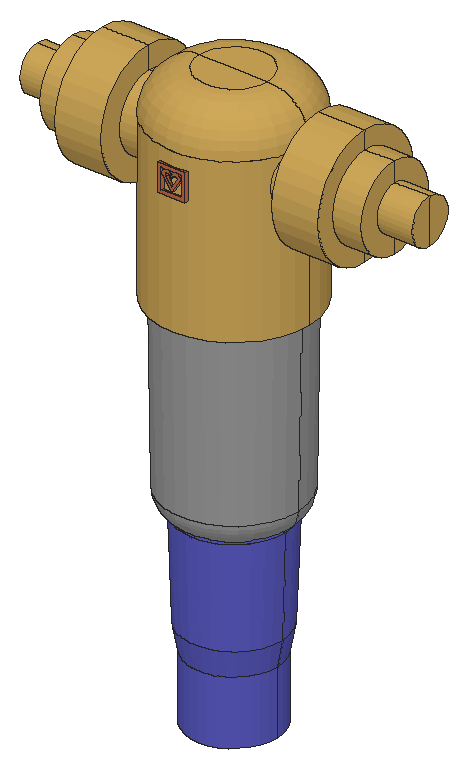
Revit family "HERZ Water Filter For Cold Water 0553", category Rohrzubehör, Revit 2021
Family settings
  Bemaßung runder Anschluss = Durchmesser verwenden
  Teiletyp = Unterbricht
  OmniClass-Nummer = 23.65.55.14
  OmniClass-Titel = Valves for Liquid Services
  Arbeitsebenenbasiert = Nein
  Immer vertikal = Ja
  Beim Laden mit Abzugskörper schneiden = Nein
  Gemeinsam genutzt = Nein
Parameters
  W02 = 88.00°  # constant formula
  W01 = 89.00°  # constant formula
  Vorgabe-Ansicht = 0.000 mm
  VRS01 = 10.000 mm  # constant formula
  SC_NennweiteBerechnet = 0
  SC_Dimension = ""
  SCTWSEQ = "FI;SBT_TYP_FI=\"FI\";2"
  SCTWCODE = "02;00;02"  # constant formula
  S01 [instance] = (L02 + VRL01 + VRL02) - (L01 / 2)  # 24.750 mm
  Model = "Filter for cold water with fiber-glass reinforced plastic cup."
  Medium = "Water"  # constant formula
  Max. operating temperature = 30 °C  # constant formula
  Max. operating pressure = 1600000.0 Pa  # constant formula
  Bowl = "transparent, fiber-glass reinforced plastic"  # constant formula
  Note = "Pursuant to Article 33 of the REACH Regulation (EC No. 1907/2006), we are obliged to point out that the material lead is listed on the SVHC list and that all brass components manufactured in our products exceed 0.1% (w / w) lead (CAS: 7439-92-1 / EINECS: 231-100-4).\r\nSince lead is a component part of an alloy, actual exposure is not possible and therefore no additional information on safe use is necessary."
  GT [instance] = size_lookup("0553_", "GT", 1.000 mm, Nennweite)  # 11.900 mm
  VRL02 [instance] = size_lookup("0553_", "VRL2", 1.000 mm, Nennweite)  # 21.750 mm
  VRL01 [instance] = size_lookup("0553_", "VRL1", 1.000 mm, Nennweite)  # 15.500 mm
  VRD02 [instance] = size_lookup("0553_", "VRD2", 1.000 mm, Nennweite)  # 14.000 mm
  VRD01 [instance] = size_lookup("0553_", "VRD1", 1.000 mm, Nennweite)  # 20.000 mm
  URL = "www.herzvalves.com"
  T01 = 1.000 mm  # constant formula
  R02 = 8.000 mm  # constant formula
  R01 = 12.500 mm  # constant formula
  Nennweite [instance] = 15.000 mm
  Cartridge = "stainless steel, mesh size 100 μm"  # constant formula
  D02 = 22.750 mm  # constant formula
  L02 [instance] = size_lookup("0553_", "L2", 1.000 mm, Nennweite)  # 28.750 mm
  L01 [instance] = size_lookup("0553_", "L1", 1.000 mm, Nennweite)  # 82.500 mm
  Hersteller = "HERZ Armaturen Ges.m.b.H."  # constant formula
  H04 = 174.000 mm  # constant formula
  H03 = 65.500 mm  # constant formula
  H02 = 45.500 mm  # constant formula
  H01 = 23.000 mm  # constant formula
  Body = "brass, CW617N"  # constant formula
  Part number [instance] = if(Nennweite = 15.000 mm, "I055301", if(Nennweite = 20.000 mm, "I055302", if(Nennweite = 25.000 mm, "I055303", "0")))  # "I055301"
  Application = "The HERZ-Water filter is used in house entrance installations for potable water to protect the potable water against contamination.\r\nIn this way the proper functioning of the system is ensured.\r\nDue to its compact design, the filter can be installed wherever space is restricted."
  AG [instance] = Nennweite / 2  # 7.500 mm
  D01 = 25.500 mm  # constant formula
Reference planes
  plane 1 "Mitte (Vorne/hinten)": y = 0
  plane 2: z = 0
  plane 3 "Mitte (Links/rechts)": x = 0
Forms (mm)
  Revolve 1, solid, material "Messing, weicher Gelbton, geschweißt", detail levels fine
    sketch origin (0, 0, 0) x (1, 0, 0) y (0, 0, 1)
      loop
        line (-41.25, 0) -> (41.25, 0) -> (41.25, 12.5) -> (-41.25, 12.5) -> (-41.25, 0)
      axis (-41.25, 0) -> (41.25, 0)
    angle from 0 to 360
  Revolve 2, solid, material "Messing, weicher Gelbton, geschweißt", detail levels fine
    sketch origin (0, 0, 0) x (1, 0, 0) y (0, 0, 1)
      loop
        line (-28.75, 0) -> (-28.75, 20) -> (-44.25, 20) -> (-44.25, 14) -> (-54.1, 14) -> (-54.1, 7.5) -> (-66, 7.5) -> (-66, 0) -> (-28.75, 0)
      axis (-66, 0) -> (-28.75, 0)
    angle from 0 to 360
  Revolve 3, solid, material "Messing, weicher Gelbton, geschweißt", detail levels fine
    sketch origin (0, 0, 0) x (-1, 0, 0) y (0, 0, 1)
      loop
        line (-28.75, 0) -> (-28.75, 20) -> (-44.25, 20) -> (-44.25, 14) -> (-54.1, 14) -> (-54.1, 7.5) -> (-66, 7.5) -> (-66, 0) -> (-28.75, 0)
      axis (-66, 0) -> (-28.75, 0)
    angle from 0 to 360
  Revolve 4, solid, material "Messing, weicher Gelbton, geschweißt", detail levels fine
    sketch origin (0, 0, 0) x (1, 0, 0) y (0, 0, 1)
      loop
        line (0, -45.5) -> (0, 23) -> (-11.5, 23)
        arc (-11.5, 23) -> (-21.399, 18.899) -> (-25.5, 9) r 14
        line (-25.5, 9) -> (-25.5, -45.5) -> (0, -45.5)
      axis (0, 23) -> (0, -45.5)
    angle from 0 to 360
  Revolve 5, solid, material "ABS-Kunststoff", detail levels fine
    sketch origin (0, 0, 0) x (1, 0, 0) y (0, 0, 1)
      loop
        line (0, -45.5) -> (-22.75, -45.5) -> (-21.744, -103.156)
        arc (-21.744, -103.156) -> (-19.53, -108.542) -> (-14.25, -111) r 8
        line (-14.25, -111) -> (0, -111) -> (0, -45.5)
      axis (0, -45.5) -> (0, -111)
    angle from 0 to 360
  Revolve 6, solid, material "Herz-Marineblau", detail levels fine
    sketch origin (0, 0, 0) x (1, 0, 0) y (0, 0, 1)
      loop
        line (-14.75, -174) -> (0, -174) -> (0, -110.996) -> (-17.5, -110.996) -> (-16.347, -144) -> (-14.75, -152.5) -> (-14.75, -174)
      axis (0, -110.996) -> (0, -174)
    angle from 0 to 360
Lines and regions (mm)
  model lines, detail levels coarse+medium
    curve 1: line (-41.25, 0, 23) -> (-41.25, 0, -23)
    curve 2: line (-41.25, 0, -23) -> (41.25, 0, -23)
    curve 3: line (41.25, 0, -23) -> (41.25, 0, 23)
    curve 4: line (41.25, 0, 23) -> (-41.25, 0, 23)
    curve 5: line (41.25, 0, 23) -> (12.5, 0, 0)
    curve 6: line (12.5, 0, 0) -> (41.25, 0, -23)
    curve 7: line (41.25, 0, 23) -> (51.25, 0, 23)
    curve 8: line (51.25, 0, 23) -> (41.25, 0, 0)
    curve 9: line (41.25, 0, -23) -> (51.25, 0, -23)
    curve 10: line (51.25, 0, -23) -> (41.25, 0, 0)
    curve 11: line (41.25, 0, 0) -> (66, 0, 0)
    curve 12: line (-41.25, 0, 23) -> (-51.25, 0, 23)
    curve 13: line (-51.25, 0, 23) -> (-41.25, 0, 0)
    curve 14: line (-41.25, 0, -23) -> (-51.25, 0, -23)
    curve 15: line (-51.25, 0, -23) -> (-41.25, 0, 0)
    curve 16: line (-41.25, 0, 0) -> (-66, 0, 0)
    curve 17: line (-41.25, -23, 0) -> (41.25, -23, 0)
    curve 18: line (-41.25, 23, 0) -> (-41.25, -23, 0)
    curve 19: line (41.25, 23, 0) -> (-41.25, 23, 0)
    curve 20: line (41.25, -23, 0) -> (41.25, 23, 0)
    curve 21: line (41.25, 23, 0) -> (8.232, 0, 0)
    curve 22: line (8.232, 0, 0) -> (41.25, -23, 0)
    curve 23: line (41.25, 23, 0) -> (51.25, 23, 0)
    curve 24: line (51.25, 23, 0) -> (41.25, 0, 0)
    curve 25: line (41.25, -23, 0) -> (51.25, -23, 0)
    curve 26: line (51.25, -23, 0) -> (41.25, 0, 0)
    curve 27: line (-41.25, 23, 0) -> (-51.25, 23, 0)
    curve 28: line (-51.25, 23, 0) -> (-41.25, 0, 0)
    curve 29: line (-41.25, -23, 0) -> (-51.25, -23, 0)
    curve 30: line (-51.25, -23, 0) -> (-41.25, 0, 0)
Dimensions and locks
  "L01": Revolve 1 sketch curve to Revolve 1 sketch curve
  equal spacing: Revolve 1 sketch curve, plane 3 "Mitte (Links/rechts)", Revolve 1 sketch curve
  "R01": Revolve 1 sketch curve to plane 2
  "L02": plane 3 "Mitte (Links/rechts)" to Revolve 2 sketch curve
  "VRL01": Revolve 2 sketch curve to Revolve 2 sketch curve
  "VRL02": Revolve 2 sketch curve to Revolve 2 sketch curve
  "GT": Revolve 2 sketch curve to Revolve 2 sketch curve
  "VRD01": Revolve 2 sketch curve to Revolve 2 sketch curve
  "VRD02": Revolve 2 sketch curve to Revolve 2 sketch curve
  "AG": Revolve 2 sketch curve to Revolve 2 sketch curve
  "VRL01": Revolve 3 sketch curve to Revolve 3 sketch curve
  "VRL02": Revolve 3 sketch curve to Revolve 3 sketch curve
  "GT": Revolve 3 sketch curve to Revolve 3 sketch curve
  "VRD01": Revolve 3 sketch curve to Revolve 3 sketch curve
  "VRD02": Revolve 3 sketch curve to Revolve 3 sketch curve
  "AG": Revolve 3 sketch curve to Revolve 3 sketch curve
  "L02": Revolve 3 sketch curve to plane 3 "Mitte (Links/rechts)"
  "H01": Revolve 4 sketch curve to plane 2
  "D01": Revolve 4 sketch curve to Revolve 4 sketch curve
  "H02": plane 2 to Revolve 4 sketch curve
  "D02": Revolve 5 sketch curve to Revolve 5 sketch curve
  "H02": plane 2 to Revolve 5 sketch curve
  "H03": Revolve 5 sketch curve to Revolve 5 sketch curve
  "H04": plane 2 to Revolve 6 sketch curve
  "D01": nested 1 to plane 1 "Mitte (Vorne/hinten)"
  equal spacing: curve 1, plane 3 "Mitte (Links/rechts)", curve 3
  "H01": curve 4 to level to curve 2
  "L01": curve 1 to curve 3
  "L02": curve 3 to curve 6
  "VRS01": curve 8 to curve 3
  "VRS01": curve 10 to curve 3
  "S01": curve 11 to curve 3
  "VRS01": curve 13 to curve 1
  "VRS01": curve 15 to curve 1
  "S01": curve 16 to Revolve 1
  "L01": curve 18 to curve 20
  equal spacing: curve 18, plane 3 "Mitte (Links/rechts)", curve 20
  "H01": curve 19 to plane 1 "Mitte (Vorne/hinten)" to curve 17
  "VRS01": curve 20 to curve 24
  "VRS01": curve 20 to curve 26
  "VRS01": curve 28 to curve 18
  "VRS01": curve 30 to curve 18
  "R02": radius of Revolve 5 sketch curve
  "W01": angle Revolve 5 sketch curve to Revolve 4
  "W02": angle Revolve 6 sketch curve to Revolve 6 sketch curve
  aligned and locked: level to plane 2
Automatic sketch dimensions
  curve 15 to level = 0.000 mm
  curve 11 to level = 0.000 mm
  curve 8 to level = 0.000 mm
  curve 5 to level = 0.000 mm
  plane 1 "Mitte (Vorne/hinten)" to curve 22 = 0.000 mm
  plane 1 "Mitte (Vorne/hinten)" to curve 28 = 0.000 mm
  plane 1 "Mitte (Vorne/hinten)" to curve 24 = 0.000 mm
  plane 1 "Mitte (Vorne/hinten)" to curve 26 = 0.000 mm
  plane 3 "Mitte (Links/rechts)" to curve 22 = 8.232 mm
  Revolve 1 sketch curve to level = 0.000 mm  (x2)
  Revolve 1 sketch curve to Revolve 1 sketch curve = 1474.830 mm
  Revolve 1 sketch curve to Revolve 1 sketch curve = 1807.448 mm
  Revolve 2 sketch curve to level = 0.000 mm  (x2)
  Revolve 2 sketch curve to Revolve 2 sketch curve = 1440.530 mm
  plane 3 "Mitte (Links/rechts)" to Revolve 2 sketch curve = 1839.148 mm
  Revolve 3 sketch curve to level = 0.000 mm  (x2)
  Revolve 3 sketch curve to Revolve 3 sketch curve = 1440.530 mm
  plane 3 "Mitte (Links/rechts)" to Revolve 3 sketch curve = 1839.148 mm
  Revolve 4 sketch curve to plane 3 "Mitte (Links/rechts)" = 0.000 mm  (x2)
  level to Revolve 4 sketch curve = 9.000 mm
  Revolve 4 sketch curve to Revolve 4 sketch curve = 320.545 mm
  Revolve 4 sketch curve to Revolve 4 sketch curve = 2190.315 mm
  Revolve 5 sketch curve to plane 3 "Mitte (Links/rechts)" = 0.000 mm  (x2)
  Revolve 5 sketch curve to plane 3 "Mitte (Links/rechts)" = 21.744 mm
  Revolve 5 sketch curve to Revolve 5 sketch curve = 7.494 mm
  Revolve 5 sketch curve to Revolve 5 sketch curve = 255.045 mm
  level to Revolve 5 sketch curve = 2214.315 mm
  Revolve 6 sketch curve to plane 3 "Mitte (Links/rechts)" = 0.000 mm  (x2)
  Revolve 6 sketch curve to plane 3 "Mitte (Links/rechts)" = 14.750 mm
  Revolve 6 sketch curve to Revolve 6 sketch curve = 1.597 mm
  Revolve 6 sketch curve to plane 3 "Mitte (Links/rechts)" = 17.500 mm
  Revolve 6 sketch curve to Revolve 6 sketch curve = 21.500 mm
  Revolve 6 sketch curve to Revolve 6 sketch curve = 8.500 mm
  Revolve 6 sketch curve to Revolve 6 sketch curve = 192.045 mm
  level to Revolve 6 sketch curve = 2214.315 mm
Nested families
  nested 1: "Herz-Logo-vorne" at (0, -25.5, 0) x (0, 1, 0) z (0, 0, 1), type "Herz-Logo-vorne", detail levels fine
Connectors
  piping at (-66, 0, 0), diameter 15, driven by "Nennweite"
    settings: on Revolve 2, index 1, connector inside diameter 609.6 mm, connector length 0.000 mm, flow factor 0, pipe flow 0.0 L/s, pressure drop 0.0 Pa, fitting loss kfactor 0, connector angle 0.00°, fixture units 0, engagement length 0.000 mm, angle of deflection 0.00°, flow configuration 0, flow direction 1, fitting loss method 0, system type 20, joint type 0, gender type 0, connector reference index -1, connector utility 0, adjustable connector no, is connector primary yes, connector description ""
  piping at (66, 0, 0), diameter 15, driven by "Nennweite"
    settings: on Revolve 3, index 2, connector inside diameter 609.6 mm, connector length 0.000 mm, flow factor 0, pipe flow 0.0 L/s, pressure drop 0.0 Pa, fitting loss kfactor 0, connector angle 0.00°, fixture units 0, engagement length 0.000 mm, angle of deflection 0.00°, flow configuration 0, flow direction 2, fitting loss method 0, system type 20, joint type 0, gender type 0, connector reference index -1, connector utility 0, adjustable connector no, is connector primary no, connector description ""
Definition of nested family "Herz-Logo-vorne"
  Parameters (values of type "Herz-Logo-vorne")
    Default Elevation = 0.000 mm
  Reference planes
    plane 1 "Mitte (Vorne/hinten)": y = 0
    plane 2: z = 0
    plane 3 "Mitte (Links/rechts)": x = 0
  Forms (mm)
    Extrusion 1, solid
      sketch origin (0.732, -0.018, 0.017) x (0, -1, 0) y (0, 0, 1)
        loop
          line (-0.018, -4.517) -> (4.482, -4.517) -> (4.482, 4.483) -> (-4.518, 4.483) -> (-4.518, -4.517) -> (-0.018, -4.517)
        loop
          line (-0.05, -3.48) -> (3.482, -3.48) -> (3.482, 3.483) -> (-3.518, 3.483) -> (-3.518, -3.48) -> (-0.05, -3.48)
        loop
          arc (-0.018, 2.383) -> (-1.543, 3.287) -> (-3.067, 2.383) r 1.738
          arc (-3.067, 2.383) -> (-3.191, 1.899) -> (-3.067, 1.415) r 1.009
          line (-3.067, 1.415) -> (-0.018, -3.281) -> (3.032, 1.415)
          arc (3.032, 1.415) -> (3.156, 1.899) -> (3.032, 2.383) r 1.009
          arc (3.032, 2.383) -> (1.507, 3.287) -> (-0.018, 2.383) r 1.738
        loop
          arc (1.885, 1.272) -> (2.005, 1.675) -> (1.885, 2.079) r 0.74
          arc (1.885, 2.079) -> (1.265, 2.416) -> (0.644, 2.079) r 0.74
          line (0.644, 2.079) -> (-0.018, 0.97) -> (-0.679, 2.079)
          arc (-0.679, 2.079) -> (-1.3, 2.416) -> (-1.921, 2.079) r 0.74
          arc (-1.921, 2.079) -> (-2.04, 1.675) -> (-1.921, 1.272) r 0.74
          line (-1.921, 1.272) -> (-0.018, -1.658) -> (1.885, 1.272)
      from 0 to 1.5
  Dimensions and locks
    aligned and locked: level to plane 2
